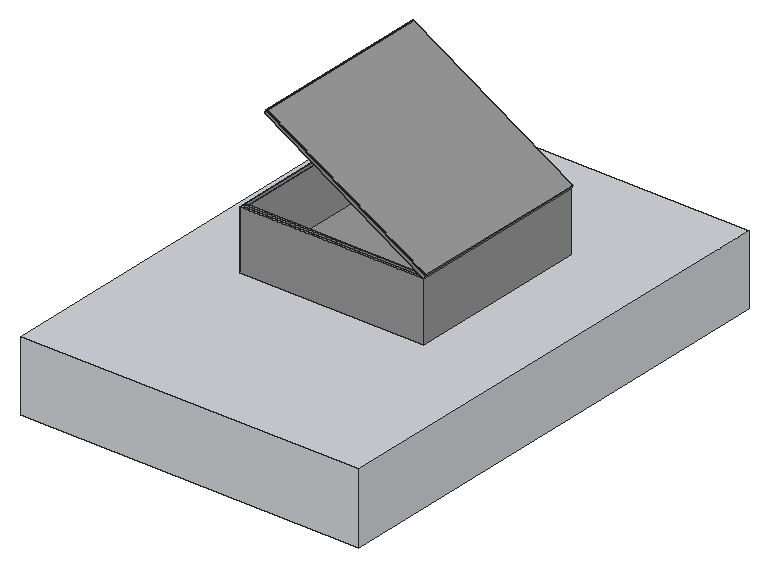
Revit family "Hager-Univers-IP55-D275-H800-Cl.II-Steel_encl-CH-it", category Equipement électrique, Revit 2020
Family settings
  Hôte = Face
  Configuration du panneau = Deux colonnes, circuits au sein
  Cote de connecteur circulaire = Utiliser le diamètre
  Type d'élément = Tableau de raccordement
  Couper avec des vides une fois chargée = Non
  Partagée = Non
  Point de calcul de pièce = Non
Parameters (values of type "A parete IP55 L800 A800 P275  - FR53S")
  Width Control [instance] = if([EF000008 - Larghezza] > Min Width, [EF000008 - Larghezza], Min Width)  # 800 mm
  Commentaires du type = [HG000003 - Gamma]  # "Univers"
  Thickness Door [instance] = if([EF009171 - spessore materiale porta/coperchio] > 3 mm, 3 mm, [EF009171 - spessore materiale porta/coperchio])  # 1.5 mm
  Seal Frame Offset [instance] = 17 mm  # constant formula
  Plinth Visibility [instance] = [HG000027 - Altezza dello zoccolo] > 0 mm  # no
  Model = ""
  Min Width [instance] = 100 mm  # constant formula
  Min Height [instance] = 100 mm  # constant formula
  Min Depth [instance] = (2 * [EF009170 - spessore materiale scatola]) + 1 mm  # 4 mm
  Internal Frame Depth [instance] = (Door System Depth * 0.5)  # 9 mm
  Height Control [instance] = if([EF000040 - Altezza] > Min Height, [EF000040 - Altezza], Min Height)  # 800 mm
  HG000027 - Altezza dello zoccolo = 0 mm
  HG000026 - A pavimento = no
  HG000024 - Altezza della sezione inferiore = 800 mm
  HG000023 - Custodia a doppia sezione = no
  HG000016 - Visibilità delle porte nella vista 3D [instance] = yes
  HG000015 - Visibilità attraverso la porta [instance] = no
  HG000014 - Porta destra [instance] = yes
  HG000013 - Porta sinistra [instance] = not([HG000014 - Porta destra])  # no
  HG000012 - Angolo di apertura della porta [instance] = 30.00°
  HG000010 - Porte asimmetriche = no
  HG000009 - Porta doppia a battente = no
  HG000006 - Ad incasso = no
  HG000004 - Codice produttore = "FR53S"
  HG000003 - Gamma = "Univers"
  HG000002 - Con porta = yes
  Frame Offset Bottom [instance] = 10 mm  # constant formula
  Frame Offset [instance] = 15 mm  # constant formula
  EF015940 - Coprire con rilascio di sovrapressione = no
  EF011959 - tipo di protezione (NEMA) = ""
  EF009554 - numero delle aperture per la piastra della flangia = 6
  Fabricant = "Hager"  # constant formula
  EF009212 - esecuzione coperchio = "EV000116 - chiuso"
  EF009171 - spessore materiale porta/coperchio = 1.5 mm
  EF009170 - spessore materiale scatola = 1.5 mm
  EF008873 - corrente nominale (In) = 800 A
  EF007800 - adatto per parafulmine = no
  EF006306 - con serratura = no
  EF006244 - coperchio/porta trasparente = no
  EF005474 - grado di protezione (IP) = "EV006420 - IP55"
  EF004464 - tipo di porta = "EV002646 - singolo"
  EF004427 - numero di moduli = 180
  EF004293 - resistenza agli urti = "EV008784 - IK10"
  EF003532 - adatto per uso esterno = no
  EF002950 - Numero moduli DIN = 24
  EF001613 - Integrità del circuito = "EV000494 - senza"
  EF001596 - Attacco Lampada = "EV000179 - acciaio"
  EF001131 - profondità interna = 275 mm
  EF001088 - possibilità di applicazione = yes
  EF000437 - numero di ingressi per conduttori = 6
  EF000339 - tipo di copertura = "EV004216 - porta"
  EF000266 - numero di file = 5
  EF000218 - profondità di incasso = 0 mm
  EF000118 - con piastra di montaggio = no
  EF000116 - numero RAL = "7035"
  EF000049 - profondità = 275 mm
  EF000040 - Altezza = 800 mm
  EF000008 - Larghezza = 800 mm
  EF000007 - colore = "EV000270 - grigio"
  EF000003 - Tipo di montaggio = "EV000384 - A parete"
  Door System Leaf Tolerance [instance] = 1.5 mm  # constant formula
  Door System Depth [instance] = 18 mm  # constant formula
  Door Height [instance] = Height Control - [HG000027 - Altezza dello zoccolo]  # 800 mm
  Depth Control [instance] = if([EF000049 - profondità] > Min Depth, [EF000049 - profondità], Min Depth)  # 275 mm
  Default Elevation = 0 mm
  Connector Offset [instance] = Height Control / 2  # 400 mm
  Bottom Top Plate Trim [instance] = 1.5 mm  # constant formula
  Plinth height Ctrl [instance] = if([HG000027 - Altezza dello zoccolo] > 0 mm, [HG000027 - Altezza dello zoccolo], 12 mm)  # 12 mm
Types (5, lengths in mm): name | Width Control | HG000010 - Porte asimmetriche | HG000009 - Porta doppia a battente | HG000004 - Codice produttore | EF009554 - numero delle aperture per la piastra della flangia | EF004464 - tipo di porta | EF004427 - numero di moduli | EF000437 - numero di ingressi per conduttori | EF000008 - Larghezza
  A parete IP55 L1050 A800 P275  - FR54S | 1050 | no | yes | "FR54S" | 8 | "EV003602 - doppio" | 240 | 8 | 1050
  A parete IP55 L1300 A800 P275  - FR55S | 1300 | yes | yes | "FR55S" | 10 | "EV003602 - doppio" | 300 | 10 | 1300
  A parete IP55 L300 A800 P275  - FR51S | 300 | no | no | "FR51S" | 2 | "EV002646 - singolo" | 60 | 2 | 300
  A parete IP55 L550 A800 P275  - FR52S | 550 | no | no | "FR52S" | 4 | "EV002646 - singolo" | 120 | 4 | 550
  A parete IP55 L800 A800 P275  - FR53S | 800 | no | no | "FR53S" | 6 | "EV002646 - singolo" | 180 | 6 | 800
Reference planes
  plane 1 "Center (Front/Back)": y = 0
  plane 2: z = 0
  plane 3 "Center (Left/Right)": x = 0
  plane 4: z = 275
  plane 5: y = 1.5
  plane 6: y = 400
  plane 7: y = 0
  plane 8: y = 800
  plane 9: z = 0
  plane 10: x = -385
  plane 11: x = 385
  plane 12: x = 383.5
  plane 13: x = -383.5
  plane 14: y = 798.5
  plane 15: x = -383
  plane 16: x = -400
  plane 17: x = 383
  plane 18: x = 400
  plane 19: x = 398.5
  plane 20: x = -398.5
  plane 21: y = 11.5
  plane 22: y = 800
  plane 23: y = 783.5
  plane 24: z = 257
  plane 25: z = 1.5
  plane 26: z = 255.5
  plane 27: z = 273.5
Forms (mm)
  Extrusion 1, solid
    sketch origin (0, 0, 0) x (1, 0, 0) y (0, 1, 0)
      loop
        line (-702.964, 1305) -> (-702.964, -811.445) -> (766.763, -811.445) -> (766.763, 1305) -> (-702.964, 1305)
    from 0 to -304.8
  Extrusion 2, solid, material "Hager_Steel_RAL7035_Light_Grey", visible <- "Plinth Visibility", detail levels medium+fine
    sketch origin (0, 0, 0) x (1, 0, 0) y (0, 1, 0)
      loop
        line (-400, 0) -> (400, 0) -> (400, 12) -> (-400, 12) -> (-400, 0)
    from 0 to 257
  Extrusion 3, solid, material "Hager_Steel_RAL7035_Light_Grey", detail levels medium+fine
    sketch origin (0, 0, 0) x (1, 0, 0) y (0, 1, 0)
      loop
        line (-400, 0) -> (400, 0) -> (400, 800) -> (-400, 800) -> (-400, 0)
    from 0 to 257
  Extrusion 4, void
    sketch origin (0, 0, 0) x (1, 0, 0) y (0, 1, 0)
      loop
        line (-398.5, 1.5) -> (398.5, 1.5) -> (398.5, 798.5) -> (-398.5, 798.5) -> (-398.5, 1.5)
    from 1.5 to 255.5
  Extrusion 5, void
    sketch origin (-381.607, -4572, 257) x (0, -1, 0) y (-1, 0, 0)
      loop
        line (-4583.5, 1.893) -> (-5355.5, 1.893) -> (-5355.5, -765.107) -> (-4583.5, -765.107) -> (-4583.5, 1.893)
    from 0 to 1.5 <- "EF009170 - spessore materiale scatola"
  Extrusion 6, solid, material "Hager_Steel_RAL7035_Light_Grey", detail levels fine
    sketch origin (0, 0, 257) x (1, 0, 0) y (0, 1, 0)
      loop
        line (-383.5, 783.5) -> (-383.5, 11.5) -> (383.5, 11.5) -> (383.5, 783.5) -> (-383.5, 783.5)
      loop
        line (-385, 10) -> (385, 10) -> (385, 785) -> (-385, 785) -> (-385, 10)
    from 0 to 9 <- "Internal Frame Depth"
  Extrusion 7, solid, material "Hager_Steel_RAL7035_Light_Grey", detail levels coarse
    sketch origin (0, 0, 0) x (1, 0, 0) y (0, 1, 0)
      loop
        line (-400, 0) -> (400, 0) -> (400, 800) -> (-400, 800) -> (-400, 0)
    from 0 to 275
  Sweep 8, void
    path in 3D
      loop
        line (-400, 12, 0) -> (400, 12, 0) -> (400, 12, 257) -> (-400, 12, 257) -> (-400, 12, 0)
    profile origin (-400, 12, 128.5) x (-1, 0, 0) y (0, -1, 0)
      loop
        line (0, 0) -> (0, 1.5) -> (-1.5, 1.5)
        arc (-1.5, 1.5) -> (-1.061, 0.439) -> (0, 0) r 1.5
Cuts and joins
  Extrusion 4, Extrusion 5 cuts Extrusion 3
  Sweep 8 cuts Extrusion 2
Lines and regions (mm)
  Masking region 1
    outline origin (0, 0, 0) x (1, 0, 0) y (0, 0, 1)
      loop
        line (-400, 275) -> (-400, 0) -> (400, 0) -> (400, 275) -> (-400, 275)
  Masking region 2, detail levels medium+fine
    outline origin (0, 140, 0) x (0, 1, 0) y (0, 0, 1)
      loop
        line (-140, 0) -> (660, 0) -> (660, 257) -> (-140, 257) -> (-140, 0)
  Masking region 3, not visible, detail levels medium+fine
    outline origin (0, 297.922, 0) x (0, 1, 0) y (0, 0, 1)
      loop
        line (113.578, 0) -> (153.578, 0) -> (153.578, 263.5)
        arc (153.578, 263.5) -> (150.649, 270.571) -> (143.578, 273.5) r 10
        line (143.578, 273.5) -> (113.578, 273.5) -> (113.578, 0)
  Masking region 4, detail levels coarse
    outline origin (0, 0, 180) x (0, 1, 0) y (0, 0, 1)
      loop
        line (0, -180) -> (800, -180) -> (800, 95) -> (0, 95) -> (0, -180)
  Masking region 5, visible <- "Plinth Visibility", detail levels medium+fine
    outline origin (0, 52.24, 12.345) x (0, 0, -1) y (0, 1, 0)
      loop
        line (10.845, -40.24) -> (-243.155, -40.24)
        arc (-243.155, -40.24) -> (-243.594, -41.301) -> (-244.655, -41.74) r 1.5
        line (-244.655, -41.74) -> (-244.655, -52.24) -> (12.345, -52.24) -> (12.345, -41.74)
        arc (12.345, -41.74) -> (11.285, -41.301) -> (10.845, -40.24) r 1.5
  Masking region 6, detail levels medium+fine
    outline origin (-381.607, -4572, 257) x (-1, 0, 0) y (0, -1, 0)
      loop
        line (18.393, -5372) -> (18.393, -4572) -> (-781.607, -4572) -> (-781.607, -5372) -> (18.393, -5372)
  Masking region 7, visible <- "Plinth Visibility", detail levels medium+fine
    outline origin (-381.607, -4727, 257) x (-1, 0, 0) y (0, -1, 0)
      loop
        arc (16.893, -4739) -> (17.332, -4737.939) -> (18.393, -4737.5) r 1.5
        line (18.393, -4737.5) -> (18.393, -4727) -> (-781.607, -4727) -> (-781.607, -4737.5)
        arc (-781.607, -4737.5) -> (-780.546, -4737.939) -> (-780.107, -4739) r 1.5
        line (-780.107, -4739) -> (16.893, -4739)
  Masking region 8, detail levels coarse
    outline origin (-442.548, -4669.526, 257) x (-1, 0, 0) y (0, -1, 0)
      loop
        line (-42.548, -5469.526) -> (-42.548, -4669.526) -> (-842.548, -4669.526) -> (-842.548, -5469.526) -> (-42.548, -5469.526)
  sketch lines
    curve 1: line (-400, 12, 257) -> (-400, 12, 0)
    curve 2: line (400, 12, 257) -> (-400, 12, 257)
    curve 3: line (400, 12, 257) -> (400, 12, 0)
    curve 4: line (-400, 12, 0) -> (400, 12, 0)
Dimensions and locks
  "Depth Control": plane 4 to Extrusion 1
  "HG000027 - Altezza dello zoccolo": plane 1 "Center (Front/Back)" to plane 7
  "EF009170 - spessore materiale scatola": plane 5 to plane 7
  locked: connector elem to plane 3 "Center (Left/Right)"
  equal spacing: plane 8, plane 6, plane 7
  locked: connector elem to plane 6
  "EF009170 - spessore materiale scatola": plane 8 to plane 14
  "EF009170 - spessore materiale scatola": plane 10 to plane 13
  "EF009170 - spessore materiale scatola": plane 12 to plane 11
  "Frame Offset": plane 20 to plane 13
  "Frame Offset": plane 12 to plane 19
  "EF009170 - spessore materiale scatola": plane 16 to plane 20
  "EF009170 - spessore materiale scatola": plane 19 to plane 18
  "Seal Frame Offset": plane 16 to plane 15
  "Seal Frame Offset": plane 17 to plane 18
  "Frame Offset Bottom": plane 21 to plane 5
  "Frame Offset": plane 14 to plane 23
  equal spacing: plane 16, plane 3 "Center (Left/Right)", plane 18
  "Width Control": plane 16 to plane 18
  "EF009170 - spessore materiale scatola": plane 4 to plane 27
  "EF009170 - spessore materiale scatola": plane 24 to plane 26
  "EF009170 - spessore materiale scatola": plane 25 to level
  "Door System Depth": plane 4 to plane 24
  "Height Control": plane 1 "Center (Front/Back)" to Extrusion 7 sketch curve
  "Height Control": Masking region 4 sketch curve to plane 1 "Center (Front/Back)"
  "Height Control": plane 1 "Center (Front/Back)" to plane 22
  "Bottom Top Plate Trim": profile plane to Sweep 8 sketch curve
  "Bottom Top Plate Trim": Sweep 8 sketch curve to profile plane
  "Plinth height Ctrl": plane 1 "Center (Front/Back)" to Extrusion 2 sketch curve
  "Plinth height Ctrl": Masking region 5 sketch curve to plane 1 "Center (Front/Back)"
  "Plinth height Ctrl": plane 1 "Center (Front/Back)" to Masking region 7 sketch curve
  "Thickness Door": Extrusion 6 sketch curve to Extrusion 6 sketch curve  (x3)
  "Thickness Door": cut or joined group of Extrusion 3, Extrusion 4, Extrusion 5 to Extrusion 6 sketch curve
  radius of Masking region 3 sketch curve = 10 mm
  "Bottom Top Plate Trim": radius of Masking region 5 sketch curve  (x2)
  "Bottom Top Plate Trim": radius of Sweep 8 sketch curve
  "Bottom Top Plate Trim": radius of Masking region 7 sketch curve  (x2)
  aligned and locked: plane 2 to Extrusion 1
  aligned and locked: level to Extrusion 1
  aligned and locked: level to Masking region 1 sketch curve
  aligned and locked: Masking region 1 sketch curve to plane 18
  aligned and locked: Masking region 1 sketch curve to plane 16
  aligned and locked: plane 7 to Masking region 2 sketch curve
  aligned and locked: level to Masking region 3 sketch curve
  aligned and locked: Masking region 3 sketch curve to plane 27
  aligned and locked: level to Masking region 2 sketch curve
  aligned and locked: plane 1 "Center (Front/Back)" to Extrusion 2 sketch curve
  aligned and locked: Extrusion 3 sketch curve to plane 7
  aligned and locked: plane 16 to Extrusion 3 sketch curve
  aligned and locked: plane 18 to Extrusion 3 sketch curve
  aligned and locked: plane 20 to Extrusion 4 sketch curve
  aligned and locked: plane 19 to Extrusion 4 sketch curve
  aligned and locked: Extrusion 4 sketch curve to plane 5
  aligned and locked: Extrusion 4 to plane 25
  aligned and locked: plane 26 to Extrusion 4
  aligned and locked: plane 24 to Extrusion 3
  aligned and locked: Extrusion 5 sketch curve to plane 21
  aligned and locked: Extrusion 5 sketch curve to plane 13
  aligned and locked: Extrusion 5 sketch curve to plane 12
  aligned and locked: plane 18 to Extrusion 7 sketch curve
  aligned and locked: plane 1 "Center (Front/Back)" to Extrusion 7 sketch curve
  aligned and locked: plane 16 to Extrusion 7 sketch curve
  aligned and locked: plane 4 to Extrusion 7
  aligned and locked: Extrusion 7 to level
  aligned and locked: level to Masking region 4 sketch curve
  aligned and locked: Masking region 4 sketch curve to plane 1 "Center (Front/Back)"
  aligned and locked: Masking region 4 sketch curve to plane 4
  aligned and locked: nested 1 to level
  aligned and locked: nested 1 to plane 16
  aligned and locked: plane 8 to Extrusion 3 sketch curve
  aligned and locked: plane 23 to Extrusion 5 sketch curve
  aligned and locked: plane 14 to Extrusion 4 sketch curve
  aligned and locked: Masking region 2 sketch curve to plane 8
  aligned and locked: level to Masking region 5 sketch curve
  aligned and locked: plane 16 to Extrusion 2 sketch curve
  aligned and locked: plane 18 to Extrusion 2 sketch curve
  aligned and locked: Masking region 5 sketch curve to plane 24
  aligned and locked: Masking region 2 sketch curve to plane 24
  aligned and locked: plane 24 to Extrusion 2
  aligned and locked: profile plane to Sweep 8 sketch curve  (x2)
  aligned and locked: Masking region 6 sketch curve to plane 18
  aligned and locked: Masking region 6 sketch curve to plane 22
  aligned and locked: Masking region 6 sketch curve to plane 16
  aligned and locked: plane 8 to plane 22
  aligned and locked: Masking region 6 sketch curve to plane 7
  aligned and locked: Masking region 7 sketch curve to plane 16
  aligned and locked: Masking region 7 sketch curve to plane 1 "Center (Front/Back)"
  aligned and locked: Masking region 7 sketch curve to plane 18
  aligned and locked: Masking region 8 sketch curve to plane 1 "Center (Front/Back)"
  aligned and locked: Masking region 8 sketch curve to plane 18
  aligned and locked: Masking region 8 sketch curve to plane 22
  aligned and locked: Masking region 8 sketch curve to plane 16
  aligned and locked: nested 2 to plane 7
  aligned and locked: plane 3 "Center (Left/Right)" to nested 2
  aligned and locked: nested 2 to plane 24
  aligned and locked: Extrusion 6 sketch curve to cut or joined group of Extrusion 3, Extrusion 4, Extrusion 5  (x4)
Automatic sketch dimensions
  Extrusion 1 sketch curve to Extrusion 1 sketch curve = 1469.727 mm
  Extrusion 1 sketch curve to Extrusion 1 sketch curve = 2116.445 mm
  Masking region 1 sketch curve to plane 4 = 0 mm
  plane 6 to Masking region 3 sketch curve = 11.5 mm
  Masking region 3 sketch curve to Masking region 3 sketch curve = 30 mm
  Masking region 5 sketch curve to plane 1 "Center (Front/Back)" = 0 mm
Nested families
  nested 1: "Hager_Enclosure_Symbol" at (-400, 0, 0) x (1, 0, 0) z (0, -1, 0), Height <- "Depth Control", Width <- "Width Control", type "Hager_Enclosure_Symbol"
    with Width_Ctrl 800 mm, Width 800 mm, Height_Ctrl 275 mm, Height 275 mm, A_Width_Int 18.047 mm, A_Width 216.562 mm, A_Height_Ctrl 240.625 mm, A_Height 240.625 mm
  nested 2: "EC000058_Univers_Door" at (0, 0, 257) x (1, 0, 0) z (0, 1, 0), Leaf_Tolerance <- "Door System Leaf Tolerance", Angle <- "HG000012 - Angolo di apertura della porta", Door_Depth <- "Door System Depth", Door_Left <- "HG000013 - Porta sinistra", Transparent <- "EF006244 - coperchio/porta trasparente", Assymetrical <- "HG000010 - Porte asimmetriche", Width <- "Width Control", Clearance <- "HG000015 - Visibilità attraverso la porta", Double <- "HG000009 - Porta doppia a battente", 3d_Door <- "HG000016 - Visibilità delle porte nella vista 3D", Lock_Visibility <- "EF006306 - con serratura", Width_Ctrl <- "Width Control", Door_Right <- "HG000014 - Porta destra", Door <- "HG000002 - Con porta", Height <- "Door Height", Thickness <- "Thickness Door", type "EC000058_Univers_Door", detail levels medium+fine
    with min_wh 4 mm, Width_Ctrl 800 mm, Width 800 mm, Transparent no, Thickness 1.5 mm, Seal_Material Hager_Rubber, Lock_Visibility no, Lock_Material Hager_Plastic_RAL9005_Jet_Black, Leaf_Width 800 mm, Leaf_Tolerance_External_Sides 0 mm, Leaf_Tolerance 1.5 mm, Leaf_Offset 0 mm, Leaf_Height 797 mm, Leaf_2_Width 800 mm, Leaf_2_Offset 400 mm, Leaf_1_Width 800 mm, Leaf_1_Offset 400 mm, Height_Ctrl 800 mm, Height 800 mm, Glass_Material Hager_Glass, Double_Clearance_Ctrl no, Double no, Door_Right_Ctrl yes, Door_Right yes, Door_Material Hager_Steel_RAL7035_Light_Grey, Door_Left_Ctrl no, Door_Left no, Door_Depth 18 mm, Door yes, Clearance_Material Hager_Clearance, Clearance_Depth 800 mm, Clearance_Ctrl no, Clearance no, Assymetrical no, Angle 30.00°, 3d_Door yes
Connectors
  electrical at (0, 400, 0)
    settings: on plane 9, index 1, voltage 0 V, apparent load 0 VA, apparent load phase1 0 VA, apparent load phase2 0 VA, apparent load phase3 0 VA, power factor 1, load classification "Other", number of poles 1, system type 30, power factor state 1, is connector primary yes, connector utility no, sub classification motor no, connector description ""
Definition of nested family "EC000058_Univers_Door"
  Parameters (values of type "EC000058_Univers_Door")
    min_wh [instance] = (2 * Thickness) + 1 mm  # 11 mm
    Width_Ctrl [instance] = 400 mm
    Width [instance] = 500 mm
    Transparent [instance] = yes
    Thickness [instance] = 5 mm
    Seal_Material [instance] = none
    Lock_Visibility [instance] = yes
    Lock_Material [instance] = none
    Leaf_Width [instance] = if((Width_Ctrl - 2 * Leaf_Tolerance_External_Sides) > 0 mm, (Width_Ctrl - 2 * Leaf_Tolerance_External_Sides), min_wh)  # 400 mm
    Leaf_Tolerance_External_Sides [instance] = 0 mm  # constant formula
    Leaf_Tolerance [instance] = 1.5 mm
    Leaf_Offset [instance] = 0 mm  # constant formula
    Leaf_Height [instance] = if((Height_Ctrl - 2 * Leaf_Tolerance) > 0 mm, (Height_Ctrl - 2 * Leaf_Tolerance), min_wh)  # 497 mm
    Leaf_2_Width [instance] = if(and(and(Double, Assymetrical), Door_Left), (Leaf_Width / 3) - (Leaf_Tolerance / 2), if(and(and(Double, Assymetrical), Door_Right), (Leaf_Width / 3) * 2 - (Leaf_Tolerance / 2), if(and(Double, not(Assymetrical)), (Leaf_Width / 2) - Leaf_Tolerance, Leaf_Width)))  # 400 mm
    Leaf_2_Offset [instance] = if(and(Double, Assymetrical), Leaf_2_Width / 2, if(and(Double, not(Assymetrical)), Leaf_Width / 4, Leaf_Width / 2))  # 200 mm
    Leaf_1_Width [instance] = if(and(and(Double, Assymetrical), Door_Right), (Leaf_Width / 3) - (Leaf_Tolerance / 2), if(and(and(Double, Assymetrical), Door_Left), (Width / 3) * 2 - (Leaf_Tolerance / 2), if(and(Double, not(Assymetrical)), (Leaf_Width / 2) - Leaf_Tolerance, Leaf_Width)))  # 400 mm
    Leaf_1_Offset [instance] = if(and(Double, Assymetrical), Leaf_1_Width / 2, if(and(Double, not(Assymetrical)), Leaf_Width / 4, Leaf_Width / 2))  # 200 mm
    Height_Ctrl [instance] = if(Height > min_wh, Height, min_wh)  # 500 mm
    Height [instance] = 500 mm
    Glass_Material [instance] = none
    Double_Clearance_Ctrl [instance] = and(Double, Clearance)  # no
    Double [instance] = no
    Door_Right_Ctrl [instance] = and(or(Door_Right, Double), Door)  # yes
    Door_Right [instance] = yes
    Door_Material [instance] = none
    Door_Left_Ctrl [instance] = and(or(Door_Left, Double), Door)  # no
    Door_Left [instance] = no
    Door_Depth [instance] = 30 mm
    Door [instance] = yes
    Default Elevation = 1219.2 mm
    Clearance_Material [instance] = none
    Clearance_Depth [instance] = if(Leaf_1_Width > Leaf_2_Width, Leaf_1_Width, Leaf_2_Width)  # 400 mm
    Clearance_Ctrl [instance] = and(not(Double), Clearance)  # yes
    Clearance [instance] = yes
    Assymetrical [instance] = yes
    Angle [instance] = 30.00°
    3d_Door [instance] = yes
  Reference planes
    plane 1 "Center (Front/Back)": y = 0
    plane 2 "Bottom": z = 0
    plane 3 "Center (Left/Right)": x = 0
    plane 4: z = 500
    plane 5: x = -200
    plane 6: x = 200
    plane 7: z = 500
    plane 8: x = -200
    plane 9: z = 0
    plane 10: x = 200
    plane 11: y = 0
    plane 12: z = 1.5
    plane 13: x = -600
    plane 14: y = -400
    plane 15: x = 600
    plane 16: x = 0
    plane 17: x = 0
    plane 18: x = -200
    plane 19: x = 200
    plane 20: z = 498.5
  Forms (mm)
    Extrusion 1, solid, material <- "Clearance_Material", visible <- "Double_Clearance_Ctrl"
      sketch origin (1200, 0, 0) x (1, 0, 0) y (0, 0, -1)
        loop
          line (-1800, -498.5) -> (-600, -498.5) -> (-600, 0) -> (-1800, 0) -> (-1800, -498.5)
      from 0 to -400
  Dimensions and locks
    equal spacing: plane 5, plane 3 "Center (Left/Right)", plane 6
    "Width_Ctrl": plane 5 to plane 6
    "Leaf_Offset": plane 5 to plane 8
    "Leaf_Offset": plane 6 to plane 10
    "Leaf_Offset": plane 9 to level
    "Leaf_Offset": plane 4 to plane 7
    "Height_Ctrl": plane 4 to level
    "Leaf_Tolerance": plane 12 to plane 9
    locked: plane 11 to plane 1 "Center (Front/Back)"
    "Leaf_1_Offset": plane 18 to plane 16
    "Leaf_2_Offset": plane 17 to plane 19
    "Leaf_1_Width": plane 13 to plane 8
    "Leaf_2_Width": plane 10 to plane 15
    "Clearance_Depth": plane 14 to plane 1 "Center (Front/Back)"
    "Leaf_Tolerance_External_Sides": plane 8 to plane 18
    "Leaf_Tolerance_External_Sides": plane 19 to plane 10
    "Leaf_Tolerance": plane 7 to plane 20
    aligned and locked: level to plane 2 "Bottom"
    aligned and locked: nested 1 to plane 16
    aligned and locked: nested 2 to plane 17
    aligned and locked: Extrusion 1 to plane 13
    aligned and locked: plane 15 to Extrusion 1
    aligned and locked: Extrusion 1 to plane 14
    aligned and locked: plane 12 to nested 1
    aligned and locked: nested 2 to plane 12
    aligned and locked: Extrusion 1 to plane 11
    aligned and locked: plane 20 to Extrusion 1
    aligned and locked: nested 2 to plane 11
    aligned and locked: nested 1 to plane 11
  Automatic sketch dimensions
    Extrusion 1 sketch curve to level = 0 mm
    plane 5 to Extrusion 1 sketch curve = 400 mm
    plane 6 to Extrusion 1 sketch curve = 400 mm
    Extrusion 1 sketch curve to plane 4 = 1.5 mm
  Nested families
    nested 1: "EC000058_Univers_Door_Leaf" at (0, 0, 1.5), Width <- "Leaf_1_Width", visible <- "Door_Left_Ctrl", Leaf_Height <- "Leaf_Height", Angle <- "Angle", 3d_Door <- "3d_Door", Transparent <- "Transparent", Clearance Material <- "Clearance_Material", Clearance <- "Clearance_Ctrl", Door_Material <- "Door_Material", Glass_Material <- "Glass_Material", Door_Depth <- "Door_Depth", Lock_Material <- "Lock_Material", Seal_Material <- "Seal_Material", Lock_Visibility <- "Lock_Visibility", Thickness <- "Thickness", type "EC000058_Univers_Door_Leaf"
      with Width 400 mm, Transparent_Glass_Offset 30 mm, Transparent_Ctrl yes, Transparent yes, Thickness 5 mm, Standard no, Seal_Material none, Seal_D2 8 mm, Seal_D1 1 mm, Offset_Internal_Frame 10 mm, Lock_Width 20 mm, Lock_Visibility_3d yes, Lock_Visibility yes, Lock_Thickness_3 3 mm, Lock_Thickness_2 1 mm, Lock_Thickness_1 3 mm, Lock_Radius_Offset_2 16 mm, Lock_Radius_Offset_1 15 mm, Lock_Radius_2 5 mm, Lock_Radius 6 mm, Lock_Offset 5 mm, Lock_Material none, Lock_Height 80 mm, Lock_Cover_Top_Offset_2d 17 mm, Lock_Cover_Height -65 mm, Leaf_Height 497 mm, Internal_Seal_Thickness 8 mm, Internal_Seal_Depth_2 4.5 mm, Internal_Frame_Depth 25 mm, Glass_Thickness -1 mm, Glass_Offset -2 mm, Glass_Material none, Door_Material none, Door_Depth 30 mm, Clearance Material none, Clearance yes, Angle_Ctrl 30.00°, Angle 30.00°, 3d_Door yes
    nested 2: "EC000058_Univers_Door_Leaf" at (0, 0, 1.5) x (-1, 0, 0) z (0, 0, 1), Width <- "Leaf_2_Width", visible <- "Door_Right_Ctrl", Leaf_Height <- "Leaf_Height", Angle <- "Angle", 3d_Door <- "3d_Door", Transparent <- "Transparent", Clearance Material <- "Clearance_Material", Clearance <- "Clearance_Ctrl", Door_Material <- "Door_Material", Glass_Material <- "Glass_Material", Door_Depth <- "Door_Depth", Lock_Material <- "Lock_Material", Seal_Material <- "Seal_Material", Lock_Visibility <- "Lock_Visibility", Thickness <- "Thickness", type "EC000058_Univers_Door_Leaf"
      with Width 400 mm, Transparent_Glass_Offset 30 mm, Transparent_Ctrl yes, Transparent yes, Thickness 5 mm, Standard no, Seal_Material none, Seal_D2 8 mm, Seal_D1 1 mm, Offset_Internal_Frame 10 mm, Lock_Width 20 mm, Lock_Visibility_3d yes, Lock_Visibility yes, Lock_Thickness_3 3 mm, Lock_Thickness_2 1 mm, Lock_Thickness_1 3 mm, Lock_Radius_Offset_2 16 mm, Lock_Radius_Offset_1 15 mm, Lock_Radius_2 5 mm, Lock_Radius 6 mm, Lock_Offset 5 mm, Lock_Material none, Lock_Height 80 mm, Lock_Cover_Top_Offset_2d 17 mm, Lock_Cover_Height -65 mm, Leaf_Height 497 mm, Internal_Seal_Thickness 8 mm, Internal_Seal_Depth_2 4.5 mm, Internal_Frame_Depth 25 mm, Glass_Thickness -1 mm, Glass_Offset -2 mm, Glass_Material none, Door_Material none, Door_Depth 30 mm, Clearance Material none, Clearance yes, Angle_Ctrl 30.00°, Angle 30.00°, 3d_Door yes
  Definition of nested family "EC000058_Univers_Door_Leaf"
    Parameters (values of type "EC000058_Univers_Door_Leaf")
      Width [instance] = 2000 mm
      Transparent_Glass_Offset [instance] = 30 mm
      Transparent_Ctrl [instance] = and(Transparent, [3d_Door])  # yes
      Transparent [instance] = yes
      Thickness [instance] = 5 mm
      Standard [instance] = and(not(Transparent), [3d_Door])  # no
      Seal_Material [instance] = none
      Seal_D2 [instance] = 8 mm  # constant formula
      Seal_D1 [instance] = 1 mm  # constant formula
      Offset_Internal_Frame [instance] = 10 mm  # constant formula
      Lock_Width [instance] = 20 mm  # constant formula
      Lock_Visibility_3d [instance] = and(Lock_Visibility, [3d_Door])  # yes
      Lock_Visibility [instance] = yes
      Lock_Thickness_3 [instance] = 3 mm  # constant formula
      Lock_Thickness_2 [instance] = 1 mm  # constant formula
      Lock_Thickness_1 [instance] = 3 mm  # constant formula
      Lock_Radius_Offset_2 [instance] = Lock_Radius_Offset_1 + 1 mm  # 16 mm
      Lock_Radius_Offset_1 [instance] = 15 mm  # constant formula
      Lock_Radius_2 [instance] = Lock_Radius - 1 mm  # 5 mm
      Lock_Radius [instance] = 6 mm  # constant formula
      Lock_Offset [instance] = 5 mm  # constant formula
      Lock_Material [instance] = none
      Lock_Height [instance] = 80 mm  # constant formula
      Lock_Cover_Top_Offset_2d [instance] = Lock_Radius_Offset_2 + 1 mm  # 17 mm
      Lock_Cover_Height [instance] = -(Lock_Height - Lock_Radius_Offset_1)  # -65 mm
      Leaf_Height [instance] = 2720.336 mm
      Internal_Seal_Thickness [instance] = 8 mm  # constant formula
      Internal_Seal_Depth_2 [instance] = 4.5 mm  # constant formula
      Internal_Frame_Depth [instance] = if(Door_Depth - Thickness > 5 mm, Door_Depth - Thickness, 5 mm)  # 25 mm
      Glass_Thickness [instance] = if(Thickness > 15 mm, Glass_Offset + 10 mm, -1 mm)  # -1 mm
      Glass_Offset [instance] = if(Thickness > 15 mm, -(Thickness + 10 mm) / 2, -2 mm)  # -2 mm
      Glass_Material [instance] = none
      Door_Material [instance] = none
      Door_Depth [instance] = 30 mm
      Default Elevation = 0 mm
      Clearance Material [instance] = none
      Clearance [instance] = yes
      Angle_Ctrl [instance] = if(Angle > 180.00°, 180.00°, Angle)  # 90.00°
      Angle [instance] = 90.00°
      3d_Door [instance] = yes
    Reference planes
      plane 1 "Center (Front/Back)": y = 0
      plane 2: z = 0
      plane 3 "Center (Left/Right)": x = 0
      plane 4: y = 2000
      plane 5: x = -1000
      plane 6: x = 1000
      plane 7: x = -3000
      plane 8: z = 2720.336
      plane 9: z = 30
      plane 10: z = 2690.336
      plane 11: x = 970
      plane 12: x = -970
      plane 13: y = -3
      plane 14: z = 107.833
      plane 15: y = -5
      plane 16: y = -223.314
      plane 17: x = -1000
      plane 18: z = 1360.168
      plane 19: y = 30
    Forms (mm)
      Extrusion 1, solid, material <- "Clearance Material", visible <- "Clearance"
        sketch origin (0, 0, 0) x (1, 0, 0) y (0, 0, 1)
          loop
            line (-3000, 2720.336) -> (-3000, 0) -> (1000, 0) -> (1000, 2720.336) -> (-3000, 2720.336)
        from 0 to -2000
      Extrusion 2, solid, material <- "Door_Material", visible <- "Standard", detail levels medium+fine
        sketch origin (-1000, 0, 0) x (0, 1, 0) y (-1, 0, 0)
          loop
            line (0, 30) -> (0, 25) -> (2000, 25) -> (2000, 30) -> (0, 30)
        from 0 to 2720.336 <- "Leaf_Height"
      Extrusion 3, solid, material <- "Door_Material", visible <- "Transparent_Ctrl", detail levels medium+fine
        sketch origin (-1000, 0, 0) x (0, 1, 0) y (-1, 0, 0)
          loop
            line (0, 25) -> (2000, 25) -> (2000, 30) -> (0, 30) -> (0, 25)
        from 0 to 2720.336 <- "Leaf_Height"
      Extrusion 4, void
        sketch origin (-1025, 2000, 0) x (0, 1, 0) y (0, 0, -1)
          loop
            line (-30, -2690.336) -> (-30, -30) -> (-1970, -30) -> (-1970, -2690.336) -> (-30, -2690.336)
        from 0 to 5 <- "Thickness"
      Sweep 5, solid, material <- "Seal_Material", visible <- "Transparent_Ctrl", detail levels fine
        path in 3D
          loop
            line (-1025, 30, 30) -> (-1025, 30, 2690.336) -> (-1025, 1970, 2690.336) -> (-1025, 1970, 30) -> (-1025, 30, 30)
        profile origin (-1025, 1000, 30) x (1, 0, 0) y (0, 0, 1)
          loop
            line (0, 0) -> (0, -8) -> (1, -8) -> (1, 0) -> (0, 0)
      Extrusion 6, solid, material <- "Glass_Material", visible <- "Transparent_Ctrl", detail levels medium+fine
        sketch origin (-1030, 0, 0) x (0, 1, 0) y (0, 0, -1)
          loop
            line (1970, -2690.336) -> (1970, -30) -> (30, -30) -> (30, -2690.336) -> (1970, -2690.336)
        from -2 <- "Glass_Offset" to -1 <- "Glass_Thickness"
      Extrusion 7, solid, material <- "Door_Material", visible <- "3d_Door", detail levels medium+fine
        sketch origin (-1025, 2000, 0) x (0, -1, 0) y (0, 0, -1)
          loop
            line (0, -2720.336) -> (2000, -2720.336) -> (2000, 0) -> (0, 0) -> (0, -2720.336)
          loop
            line (1995, -5) -> (5, -5) -> (5, -2715.336) -> (1995, -2715.336) -> (1995, -5)
        from 0 to 25 <- "Internal_Frame_Depth"
      Sweep 8, solid, material <- "Seal_Material", visible <- "Transparent_Ctrl", detail levels fine
        path in 3D
          loop
            line (-1025, 0, 0) -> (-1025, 2000, 0) -> (-1025, 2000, 2720.336) -> (-1025, 0, 2720.336) -> (-1025, 0, 0)
        profile origin (-1025, 0, 1360.168) x (1, 0, 0) y (0, 1, 0)
          loop
            line (0, 10) -> (2.975, 10)
            arc (2.975, 10) -> (4.053, 10.447) -> (4.5, 11.525) r 1.525
            line (4.5, 11.525) -> (4.5, 16.527)
            arc (4.5, 16.527) -> (4.069, 17.569) -> (3.027, 18) r 1.473
            line (3.027, 18) -> (0, 18) -> (0, 10)
      Extrusion 9, solid, material <- "Lock_Material", visible <- "Lock_Visibility_3d", detail levels fine
        sketch origin (-1030, 0, 0) x (0, 1, 0) y (0, 0, -1)
          loop
            arc (1993.5, -1400.168) -> (1994.561, -1399.729) -> (1995, -1398.668) r 1.5
            line (1995, -1398.668) -> (1995, -1320.168) -> (1975, -1320.168) -> (1975, -1398.668)
            arc (1975, -1398.668) -> (1975.439, -1399.729) -> (1976.5, -1400.168) r 1.5
            line (1976.5, -1400.168) -> (1993.5, -1400.168)
        from 3 <- "Lock_Thickness_1" to 0
      Blend 10, solid, material <- "Lock_Material", visible <- "Lock_Visibility_3d", detail levels fine
        base sketch origin (-1033, 0, 0) x (0, 1, 0) y (0, 0, -1)
          loop
            line (1975, -1320.168) -> (1975, -1398.668)
            arc (1975, -1398.668) -> (1975.439, -1399.729) -> (1976.5, -1400.168) r 1.5
            line (1976.5, -1400.168) -> (1993.5, -1400.168)
            arc (1993.5, -1400.168) -> (1994.561, -1399.729) -> (1995, -1398.668) r 1.5
            line (1995, -1398.668) -> (1995, -1320.168) -> (1975, -1320.168)
        top sketch origin (-1033, 0, 0) x (0, 1, 0) y (0, 0, -1)
          loop
            line (1976, -1320.168) -> (1976, -1398.668)
            arc (1976, -1398.668) -> (1976.146, -1399.022) -> (1976.5, -1399.168) r 0.5
            line (1976.5, -1399.168) -> (1993.5, -1399.168)
            arc (1993.5, -1399.168) -> (1993.854, -1399.022) -> (1994, -1398.668) r 0.5
            line (1994, -1398.668) -> (1994, -1320.168) -> (1976, -1320.168)
        from 0 to 1 <- "Lock_Thickness_2"
      Blend 11, solid, material <- "Lock_Material", visible <- "Lock_Visibility_3d", detail levels fine
        base sketch origin (-1034, 0, 0) x (0, 1, 0) y (0, 0, -1)
          loop
            line (1978, -1320.168) -> (1978, -1384.168)
            arc (1978, -1384.168) -> (1985, -1391.168) -> (1992, -1384.168) r 7
            line (1992, -1384.168) -> (1992, -1320.168) -> (1978, -1320.168)
        top sketch origin (-1034, 0, 0) x (0, 1, 0) y (0, 0, -1)
          loop
            line (1991, -1320.168) -> (1979, -1320.168) -> (1979, -1383.168)
            arc (1979, -1383.168) -> (1985, -1389.168) -> (1991, -1383.168) r 6
            line (1991, -1383.168) -> (1991, -1320.168)
        from 0 to 3 <- "Lock_Thickness_3"
      Extrusion 12, solid, material <- "Lock_Material", visible <- "Lock_Visibility_3d", detail levels fine
        sketch origin (-1030, 1975, 1320.168) x (1, 0, 0) y (0, -1, 0)
          loop
            line (-7, -19) -> (-7, -1) -> (0, -1) -> (0, 0) -> (-8, 0) -> (-8, -20) -> (0, -20) -> (0, -19) -> (-7, -19)
        from 0 to -65 <- "Lock_Cover_Height"
      Extrusion 13, void
        sketch origin (-1038, 1995, 1320.168) x (-1, 0, 0) y (0, 0, -1)
          loop
            line (-5, -65) -> (0, -65) -> (-5, -60) -> (-5, -65)
        from 0 to 20 <- "Lock_Width"
      Extrusion 14, void
        sketch origin (-1038, 1975, 1320.168) x (0, -1, 0) y (0, 0, -1)
          loop
            circle (-10, -15.995) r 6
          loop
            circle (-10, -15.995) r 5
        from 0 to 2
      Extrusion 15, solid, material <- "Lock_Material", visible <- "Lock_Visibility_3d", detail levels medium
        sketch origin (-1030, 0, 0) x (0, 1, 0) y (0, 0, -1)
          loop
            arc (1993.5, -1400.168) -> (1994.561, -1399.729) -> (1995, -1398.668) r 1.5
            line (1995, -1398.668) -> (1995, -1320.168) -> (1975, -1320.168) -> (1975, -1398.668)
            arc (1975, -1398.668) -> (1975.439, -1399.729) -> (1976.5, -1400.168) r 1.5
            line (1976.5, -1400.168) -> (1993.5, -1400.168)
        from 8 to 0
    Cuts and joins
      Extrusion 4 cuts Extrusion 3
      Extrusion 13, Extrusion 14 cuts Extrusion 9
      Extrusion 14 cuts Blend 11
      Extrusion 13, Extrusion 14 cuts Extrusion 12
      joined: Extrusion 9, Blend 10, Blend 11, Extrusion 12
      Extrusion 14 cuts Extrusion 15
    Lines and regions (mm)
      Masking region 1, visible <- "Lock_Visibility", detail levels fine
        outline origin (0, 0, 0) x (0, 1, 0) y (0, 0, 1)
          loop
            line (30, 1320.168) -> (33, 1320.168) -> (33, 1400.168) -> (30, 1400.168) -> (30, 1320.168)
      Masking region 2, visible <- "Lock_Visibility", detail levels fine
        outline origin (0, 3.143, 0) x (0, 1, 0) y (0, 0, 1)
          loop
            line (29.857, 1354.168) -> (30.857, 1354.168) -> (30.857, 1366.168) -> (29.857, 1366.168) -> (29.857, 1354.168)
      Masking region 3, detail levels medium+fine
        outline origin (0, 0, 0) x (0, 1, 0) y (0, 0, 1)
          loop
            line (0, 0) -> (30, 0) -> (30, 2720.336) -> (0, 2720.336) -> (0, 0)
      Masking region 4, detail levels medium+fine
        outline origin (0, 0, 0) x (1, 0, 0) y (0, 0, 1)
          loop
            line (-1000, 2720.336) -> (-1000, 0) -> (1000, 0) -> (1000, 2720.336) -> (-1000, 2720.336)
      Masking region 5, visible <- "Lock_Visibility", detail levels fine
        outline origin (-47.116, 0, 0) x (1, 0, 0) y (0, 0, 1)
          loop
            arc (1024.616, 1399.168) -> (1023.556, 1398.729) -> (1023.116, 1397.668) r 1.5
            line (1023.116, 1397.668) -> (1023.116, 1320.168) -> (1041.116, 1320.168) -> (1041.116, 1397.668)
            arc (1041.116, 1397.668) -> (1040.677, 1398.729) -> (1039.616, 1399.168) r 1.5
            line (1039.616, 1399.168) -> (1024.616, 1399.168)
      Masking region 6, visible <- "Lock_Visibility", detail levels medium+fine
        outline origin (-25, 0, 0) x (1, 0, 0) y (0, 0, 1)
          loop
            arc (1001.5, 1400.168) -> (1000.439, 1399.729) -> (1000, 1398.668) r 1.5
            line (1000, 1398.668) -> (1000, 1320.168) -> (1020, 1320.168) -> (1020, 1398.668)
            arc (1020, 1398.668) -> (1019.561, 1399.729) -> (1018.5, 1400.168) r 1.5
            line (1018.5, 1400.168) -> (1001.5, 1400.168)
      Masking region 7, visible <- "Lock_Visibility", detail levels fine
        outline origin (-73.735, 0, 0) x (1, 0, 0) y (0, 0, 1)
          loop
            line (1051.735, 1382.168) -> (1065.735, 1382.168) -> (1065.735, 1384.168)
            arc (1065.735, 1384.168) -> (1058.735, 1391.168) -> (1051.735, 1384.168) r 7
            line (1051.735, 1384.168) -> (1051.735, 1382.168)
      Masking region 8, visible <- "Lock_Visibility", detail levels fine
        outline origin (-73.735, 0, 0) x (1, 0, 0) y (0, 0, 1)
          loop
            line (1052.735, 1382.168) -> (1064.735, 1382.168) -> (1064.735, 1383.168)
            arc (1064.735, 1383.168) -> (1058.735, 1389.168) -> (1052.735, 1383.168) r 6
            line (1052.735, 1383.168) -> (1052.735, 1382.168)
      Masking region 9, visible <- "Lock_Visibility", detail levels fine
        outline origin (-25, 0, 0) x (1, 0, 0) y (0, 0, 1)
          loop
            line (1020, 1320.168) -> (1020, 1382.168) -> (1000, 1382.168) -> (1000, 1320.168) -> (1020, 1320.168)
      Masking region 10, detail levels medium+fine
        outline origin (0, 0, 0) x (1, 0, 0) y (0, 0, 1)
          loop
            circle (985, 1335.144) r 6
      Masking region 11, detail levels fine
        outline origin (0, 0, 0) x (1, 0, 0) y (0, 0, 1)
          loop
            circle (985, 1335.144) r 5
      Masking region 12, visible <- "Lock_Visibility", detail levels fine
        outline origin (0, 12.767, 0) x (0, 1, 0) y (0, 0, 1)
          loop
            line (20.233, 1320.168) -> (21.233, 1320.168) -> (21.233, 1399.168) -> (20.233, 1400.168) -> (20.233, 1320.168)
      Masking region 13, visible <- "Lock_Visibility", detail levels fine
        outline origin (0, 13.767, -10) x (0, 1, 0) y (0, 0, 1)
          loop
            line (20.233, 1330.168) -> (23.233, 1330.168) -> (23.233, 1399.168) -> (20.233, 1402.168) -> (20.233, 1330.168)
      Masking region 14, visible <- "Lock_Visibility", detail levels fine
        outline origin (0, 12.767, -10) x (0, 1, 0) y (0, 0, 1)
          loop
            line (20.233, 1330.168) -> (25.233, 1330.168) -> (25.233, 1399.305) -> (20.233, 1394.305) -> (20.233, 1330.168)
      Masking region 15, visible <- "Lock_Visibility", detail levels medium
        outline origin (0, 0, 0) x (0, 1, 0) y (0, 0, 1)
          loop
            line (30, 1320.168) -> (38, 1320.168) -> (38, 1400.168) -> (30, 1400.168) -> (30, 1320.168)
      Masking region 16, visible <- "Lock_Visibility", detail levels fine
        outline origin (-1000, 0, 0) x (0, 1, 0) y (-1, 0, 0)
          loop
            line (1975, 30) -> (1995, 30) -> (1995, 38) -> (1975, 38) -> (1975, 30)
          loop
            line (1979, 37) -> (1976, 37) -> (1976, 34) -> (1978, 34) -> (1979, 37)
          loop
            line (1994, 37) -> (1991, 37) -> (1992, 34) -> (1994, 34) -> (1994, 37)
      Masking region 17, visible <- "Lock_Visibility", detail levels medium
        outline origin (-1000, 0, 0) x (0, 1, 0) y (-1, 0, 0)
          loop
            line (1975, 30) -> (1995, 30) -> (1995, 38) -> (1975, 38) -> (1975, 30)
      symbolic lines
        curve 1: line (1000, 0, 0) -> (-3000, 0, 0)
        curve 2: arc (1000, 0, 0) -> (-1000, 2000, 0) -> (-3000, 0, 0) r 2000
        curve 4: line (-1030, 0, 0) -> (-1030, 2000, 0)
      reference lines
        curve 3: line (-1000, 0, 0) -> (-1000, 2000, 0)
      symbolic lines, detail levels medium+fine
        curve 5: line (-1030, 2000, 0) -> (-1025, 2000, 0)
        curve 7: line (-1025, 0, 0) -> (-1030, 0, 0)
        curve 8: line (-1025, 0, 0) -> (-1000, 0, 0)
        curve 9: line (-1000, 0, 0) -> (-1000, 2000, 0)
        curve 10: line (-1000, 2000, 0) -> (-1025, 2000, 0)
      symbolic lines, detail levels fine
        curve 6: line (-1025, 2000, 0) -> (-1025, 0, 0)
      sketch lines
        curve 11: line (-1025, 0, 2720.336) -> (-1025, 0, 0)
        curve 12: line (-1025, 2000, 0) -> (-1025, 0, 0)
        curve 13: line (-1025, 2000, 2720.336) -> (-1025, 2000, 0)
        curve 14: line (-1025, 0, 2720.336) -> (-1025, 2000, 2720.336)
        curve 15: line (-1025, 1970, 30) -> (-1025, 30, 30)
        curve 16: line (-1025, 30, 30) -> (-1025, 30, 2690.336)
        curve 17: line (-1025, 1970, 2690.336) -> (-1025, 1970, 30)
        curve 18: line (-1025, 30, 2690.336) -> (-1025, 1970, 2690.336)
      symbolic lines, visible <- "Transparent", detail levels medium+fine
        curve 19: line (-970, 0, 2690.336) -> (970, 0, 2690.336)
        curve 20: line (-970, 0, 30) -> (-970, 0, 2690.336)
        curve 21: line (970, 0, 30) -> (-970, 0, 30)
        curve 22: line (970, 0, 2690.336) -> (970, 0, 30)
    Dimensions and locks
      "Width": plane 1 "Center (Front/Back)" to plane 4
      equal spacing: plane 5, plane 3 "Center (Left/Right)", plane 6
      "Width": plane 5 to plane 6
      "Width": plane 7 to plane 5
      "Leaf_Height": plane 8 to level
      "Width": curve 5 to curve 3
      "Width": curve 3 to curve 3
      plane 8 to plane 10 = 30 mm
      plane 9 to level = 30 mm
      plane 12 to plane 5 = 30 mm
      plane 6 to plane 11 = 30 mm
      Extrusion 1 to Extrusion 4 sketch curve = 30 mm
      "Transparent_Glass_Offset": curve 3 to Extrusion 4 sketch curve
      "Transparent_Glass_Offset": Extrusion 4 sketch curve to cut or joined group of Extrusion 3, Extrusion 4  (x2)
      cut or joined group of Extrusion 3, Extrusion 4 to Extrusion 6 sketch curve = 30 mm
      "Transparent_Glass_Offset": cut or joined group of Extrusion 3, Extrusion 4 to Extrusion 4 sketch curve
      "Thickness": curve 6 to curve 4
      "Thickness": Extrusion 7 sketch curve to Extrusion 7 sketch curve  (x4)
      "Door_Depth": curve 4 to curve 3
      "Offset_Internal_Frame": profile plane to Sweep 8 sketch curve
      "Internal_Seal_Thickness": Sweep 8 sketch curve to Sweep 8 sketch curve
      "Internal_Seal_Depth_2": profile plane to Sweep 8 sketch curve
      "Seal_D1": profile plane to Sweep 5 sketch curve
      "Seal_D2": profile plane to Sweep 5 sketch curve
      "Thickness": Extrusion 2 sketch curve to Extrusion 2 sketch curve
      equal spacing: Extrusion 9 sketch curve, plane 18, Extrusion 9 sketch curve  (x2)
      equal spacing: Masking region 1 sketch curve, plane 18, Masking region 1 sketch curve
      "Lock_Height": Masking region 1 sketch curve to Masking region 1 sketch curve
      "Lock_Radius": Masking region 2 sketch curve to plane 18 to Masking region 2 sketch curve
      Masking region 2 sketch curve to Masking region 1 = 1 mm
      "Door_Depth": plane 19 to plane 1 "Center (Front/Back)"
      "Lock_Thickness_1": Masking region 1 sketch curve to plane 19
      "Lock_Width": Extrusion 9 sketch curve to Extrusion 9 sketch curve
      "Lock_Height": Extrusion 9 sketch curve to Extrusion 9 sketch curve
      "Lock_Offset": cut or joined group of Extrusion 3, Extrusion 4 to Extrusion 9 sketch curve
      equal spacing: plane 8, plane 18, level
      "Lock_Radius_Offset_1": Blend 11 sketch curve to Blend 10
      locked: Blend 10 to Blend 11 sketch curve at 2  (x2)
      locked: var sketch to Blend 11 sketch curve at 1  (x2)
      "Lock_Radius_Offset_2": Blend 11 sketch curve to Blend 10
      locked: Extrusion 12 sketch curve to Extrusion 12 sketch curve at 1  (x3)
      Masking region 6 sketch curve to Masking region 6 sketch curve = 80 mm
      "Lock_Height": Masking region 6 sketch curve to Masking region 6 sketch curve
      "Lock_Width": Masking region 6 sketch curve to Masking region 6 sketch curve
      locked: Masking region 6 to Masking region 5 sketch curve at 1  (x3)
      locked: Masking region 5 to Masking region 7 sketch curve at 2  (x2)
      "Lock_Radius_Offset_1": Masking region 5 to Masking region 7 sketch curve
      "Lock_Radius_Offset_2": Masking region 5 to Masking region 8 sketch curve
      locked: Masking region 7 to Masking region 8 sketch curve at 1  (x2)
      "Lock_Cover_Top_Offset_2d": Masking region 5 to Masking region 9 sketch curve
      equal spacing: Masking region 9, Masking region 10 sketch curve, Masking region 9
      equal spacing: Masking region 9, Masking region 11 sketch curve, Masking region 9
      Extrusion 15 sketch curve to Extrusion 15 sketch curve = 80 mm
      "Lock_Width": Extrusion 15 sketch curve to Extrusion 15 sketch curve
      "Lock_Height": Extrusion 15 sketch curve to Extrusion 15 sketch curve
      equal spacing: Extrusion 15 sketch curve, plane 18, Extrusion 15 sketch curve
      "Lock_Thickness_3": Masking region 13 sketch curve to Masking region 13 sketch curve
      "Lock_Height": Masking region 12 sketch curve to Masking region 12 sketch curve
      locked: Masking region 13 sketch curve to Masking region 1 at 8
      locked: Masking region 14 sketch curve to Masking region 13 at 1
      locked: Masking region 14 sketch curve to Masking region 1 at 10.863
      "Lock_Height": Masking region 15 sketch curve to Masking region 15 sketch curve
      "Lock_Offset": Extrusion 15 sketch curve to cut or joined group of Extrusion 3, Extrusion 4
      "Lock_Offset": plane 6 to Masking region 6 sketch curve
      radius of Sweep 8 sketch curve = 1.525 mm
      radius of Sweep 8 sketch curve = 1.473 mm
      radius of Extrusion 9 sketch curve = 1.5 mm  (x2)
      "Lock_Radius": radius of Extrusion 14 sketch curve
      "Lock_Radius_2": radius of Extrusion 14 sketch curve
      "Lock_Radius": radius of Masking region 10 sketch curve
      "Lock_Radius_2": radius of Masking region 11 sketch curve
      radius of Extrusion 15 sketch curve = 1.5 mm  (x2)
      "Angle_Ctrl": angle plane 1 "Center (Front/Back)" to curve 3
      locked: Masking region 12 sketch curve to Masking region 12 sketch curve (angle 45.00°)
      locked: Masking region 13 sketch curve to Masking region 13 sketch curve (angle 45.00°)
      locked: Masking region 14 sketch curve to Masking region 14 sketch curve (angle 45.00°)
      aligned and locked: level to plane 2
      aligned and locked: Extrusion 1 to curve 1
      aligned and locked: plane 6 to Extrusion 1
      aligned and locked: Extrusion 1 to plane 1 "Center (Front/Back)"
      aligned and locked: plane 4 to Extrusion 1
      aligned and locked: plane 8 to Extrusion 1
      aligned and locked: curve 7 to Extrusion 2 sketch curve
      aligned and locked: curve 5 to Extrusion 2 sketch curve
      aligned and locked: curve 7 to Extrusion 3 sketch curve
      aligned and locked: Extrusion 3 sketch curve to curve 4
      aligned and locked: Extrusion 3 sketch curve to curve 6
      aligned and locked: Extrusion 3 sketch curve to curve 5
      aligned and locked: curve 9 to curve 3
      aligned and locked: Extrusion 7 sketch curve to cut or joined group of Extrusion 3, Extrusion 4  (x4)
      aligned and locked: plane 17 to curve 3
      aligned and locked: plane 1 "Center (Front/Back)" to curve 3
      aligned and locked: plane 17 to plane 5
      aligned and locked: Sweep 8 sketch curve to profile plane
      aligned and locked: Sweep 5 sketch curve to profile plane  (x2)
      aligned and locked: Masking region 1 to Masking region 2 sketch curve
      aligned and locked: plane 19 to Masking region 1 sketch curve
      aligned and locked: plane 1 "Center (Front/Back)" to Masking region 3 sketch curve
      aligned and locked: plane 19 to Masking region 3 sketch curve
      aligned and locked: level to Masking region 3 sketch curve
      aligned and locked: Masking region 3 sketch curve to plane 8
      aligned and locked: plane 17 to Masking region 4 sketch curve
      aligned and locked: level to Masking region 4 sketch curve
      aligned and locked: Masking region 4 sketch curve to plane 8
      aligned and locked: plane 12 to curve 20
      aligned and locked: plane 10 to curve 19
      aligned and locked: plane 11 to curve 22
      aligned and locked: curve 21 to plane 9
      aligned and locked: Extrusion 2 sketch curve to cut or joined group of Extrusion 3, Extrusion 4
      aligned and locked: Blend 10 sketch curve to Extrusion 9  (x4)
      aligned and locked: Extrusion 9 to Blend 10 sketch curve
      aligned and locked: Blend 10 to Blend 11 sketch curve
      aligned and locked: Extrusion 12 sketch curve to Blend 11
      aligned and locked: Extrusion 12 sketch curve to Extrusion 9  (x4)
      aligned and locked: Masking region 5 sketch curve to Masking region 6
      aligned and locked: Masking region 9 sketch curve to Masking region 6  (x3)
      aligned and locked: Masking region 12 sketch curve to Masking region 1
      aligned and locked: Masking region 13 sketch curve to Masking region 1
      aligned and locked: Masking region 12 to Masking region 14
      aligned and locked: Masking region 14 sketch curve to Masking region 1
      aligned and locked: Masking region 15 sketch curve to Masking region 14
      aligned and locked: Masking region 13 sketch curve to Masking region 12
      aligned and locked: Masking region 16 sketch curve to cut or joined group of Extrusion 14, Extrusion 15  (x4)
      aligned and locked: Masking region 16 sketch curve to cut or joined group of Extrusion 9, Blend 10, Blend 11, Extrusion 12, Extrusion 13, Extrusion 14  (x6)
      aligned and locked: cut or joined group of Extrusion 9, Blend 10, Blend 11, Extrusion 12, Extrusion 13, Extrusion 14 to Masking region 16 sketch curve
      aligned and locked: Masking region 17 sketch curve to cut or joined group of Extrusion 14, Extrusion 15  (x3)
      aligned and locked: Masking region 17 sketch curve to cut or joined group of Extrusion 9, Blend 10, Blend 11, Extrusion 12, Extrusion 13, Extrusion 14
      aligned and locked: Masking region 9 to Masking region 8 sketch curve
      aligned and locked: Masking region 9 to Masking region 7 sketch curve
    Automatic sketch dimensions
      plane 1 "Center (Front/Back)" to curve 2 = 0 mm
      curve 2 to plane 5 = 0 mm
      Extrusion 1 sketch curve to level = 0 mm
      Extrusion 1 sketch curve to plane 7 = 0 mm
      Extrusion 1 sketch curve to plane 6 = 0 mm
      Extrusion 1 sketch curve to plane 8 = 0 mm
      Extrusion 3 to Extrusion 6 sketch curve = 30 mm  (x4)
      Masking region 4 sketch curve to plane 6 = 0 mm
      Blend 10 sketch curve to Extrusion 9 = 1.5 mm
      Blend 10 sketch curve to Extrusion 9 = 1 mm
      Extrusion 13 sketch curve to Extrusion 12 = 0 mm  (x2)
      Extrusion 12 to Extrusion 13 sketch curve = 3 mm
      Extrusion 13 sketch curve to Extrusion 12 = 5 mm
      Extrusion 14 sketch curve to Extrusion 14 sketch curve = 0 mm  (x2)
      Extrusion 14 sketch curve to Extrusion 12 = 10 mm
      Extrusion 14 sketch curve to Extrusion 12 = 15.995 mm
      Masking region 5 sketch curve to Masking region 5 sketch curve = 1.5 mm  (x2)
      Masking region 10 sketch curve to plane 18 = 25.024 mm
      Masking region 11 sketch curve to plane 18 = 25.024 mm
      plane 19 to Masking region 14 sketch curve = 3 mm
      Masking region 16 sketch curve to Masking region 16 sketch curve = 3 mm
      curve 4 to curve 3 = 0 mm
      Blend 10 to Blend 11 sketch curve = 0 mm
      Masking region 6 sketch curve to Masking region 6 sketch curve = 1.5 mm  (x2)
      Masking region 6 sketch curve to plane 18 = 40 mm
      plane 19 to Masking region 12 sketch curve = 3 mm
      Masking region 12 sketch curve to Masking region 12 sketch curve = 1 mm
      Masking region 15 sketch curve to plane 19 = 0 mm
      Masking region 15 sketch curve to plane 18 = 40 mm
      radius of Blend 10 sketch curve to Extrusion 9 = 1 mm
Definition of nested family "Hager_Enclosure_Symbol"
  Parameters (values of type "Hager_Enclosure_Symbol")
    Width_Ctrl [instance] = if(Width > 1 mm, Width, 1 mm)  # 102.27 mm
    Width [instance] = 102.27 mm
    Height_Ctrl [instance] = if(Height > 1 mm, Height, 1 mm)  # 66.5 mm
    A_Width_Int [instance] = if(A_Width / 12 > 2 mm, A_Width / 12, 2 mm)  # 4.364 mm
    A_Width [instance] = if(A_Height_Ctrl * 0.9 > 2 mm, A_Height_Ctrl * 0.9, 2 mm)  # 52.369 mm
    A_Height_Ctrl [instance] = if(A_Height > 2 mm, A_Height, 2 mm)  # 58.188 mm
    Height [instance] = 66.5 mm
    A_Height [instance] = Height - (Height / 8)  # 58.188 mm
  Reference planes
    plane 1 "Centre (avant/arrière)": y = 0
    plane 2: z = 0
    plane 3 "Centre (gauche/droite)": x = 0
    plane 4: x = 52.369
    plane 5: y = 33.042
    plane 6: y = 41.77
    plane 7: y = 66.5
    plane 8: x = 26.184
    plane 9: y = 37.406
    plane 10: x = 102.27
    plane 11: y = 66.5
    plane 12: y = 8.313
  Lines and regions (mm)
    Filled region 1, type "Solid_Black", in view "Niveau de réf."
      outline origin (0, 0, 0) x (1, 0, 0) y (0, 1, 0)
        loop
          line (52.369, 66.5) -> (33.188, 54.536) -> (45.365, 45.006) -> (52.369, 66.5)
    Filled region 2, type "Solid_Black", in view "Niveau de réf."
      outline origin (0, 0, 0) x (1, 0, 0) y (0, 1, 0)
        loop
          line (0, 0) -> (102.27, 0) -> (102.27, 66.5) -> (0, 0)
    detail lines, in view "Niveau de réf."
      curve 1: line (0, 8.313, 0) -> (26.184, 41.77, 0)
      curve 2: line (26.184, 41.77, 0) -> (26.184, 33.042, 0)
      curve 3: line (26.184, 33.042, 0) -> (52.369, 66.5, 0)
  Dimensions and locks
    "A_Width": plane 3 "Centre (gauche/droite)" to plane 4
    equal spacing: plane 3 "Centre (gauche/droite)", plane 8, plane 4
    equal spacing: plane 6, plane 9, plane 5
    equal spacing: curve 3, Filled region 1 sketch curve, Filled region 1 sketch curve
    "Height_Ctrl": plane 1 "Centre (avant/arrière)" to plane 11
    "A_Height_Ctrl": plane 11 to plane 12
    equal spacing: plane 11, plane 9, plane 12
    "A_Width_Int": plane 6 to plane 9
    "Width_Ctrl": plane 3 "Centre (gauche/droite)" to plane 10
    angle Filled region 1 sketch curve to curve 3 = 20.00°
    angle curve 3 to Filled region 1 sketch curve = 20.00°
    locked: curve 3 to Filled region 1 sketch curve (angle 90.00°)
    aligned and locked: plane 10 to Filled region 2
    aligned and locked: plane 11 to Filled region 2 sketch curve
    aligned and locked: plane 10 to Filled region 2 sketch curve
    aligned and locked: plane 3 "Centre (gauche/droite)" to curve 1
    aligned and locked: plane 12 to curve 1
    aligned and locked: plane 7 to plane 11
  Automatic sketch dimensions
    Filled region 1 sketch curve to plane 4 = 0 mm
    Filled region 1 sketch curve to plane 7 = 0 mm
    plane 1 "Centre (avant/arrière)" to Filled region 2 sketch curve = 0 mm
    Filled region 2 sketch curve to plane 3 "Centre (gauche/droite)" = 0 mm
    curve 2 to plane 6 = 0 mm
    curve 2 to plane 8 = 0 mm
    curve 3 to plane 4 = 0 mm
    curve 2 to plane 5 = 0 mm
    curve 3 to plane 7 = 0 mm
